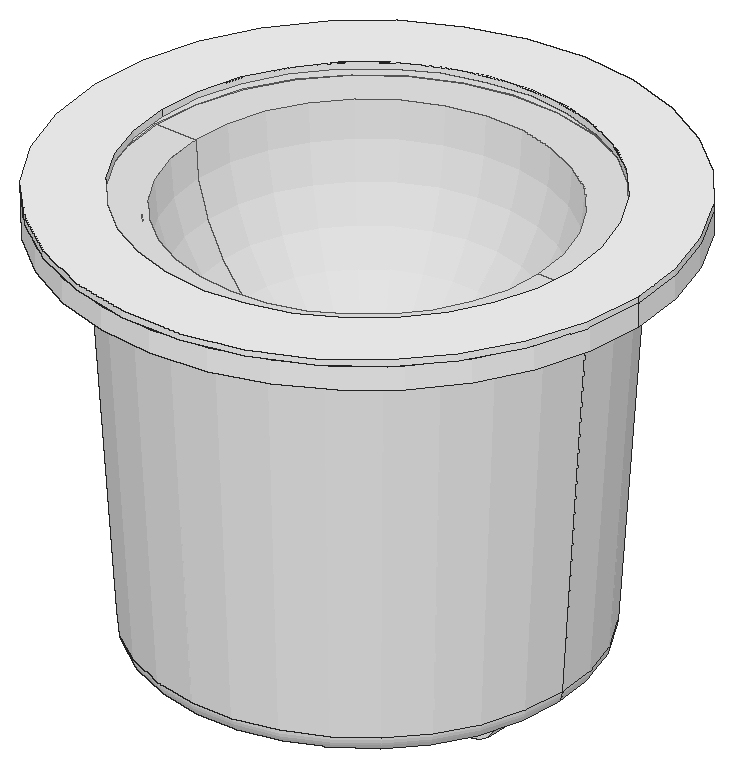
Revit family "2058960", category Lighting Fixtures, host Face, Revit 2018
Family settings
  Host = Face
  Round Connector Dimension = Use Diameter
  Part Type = Normal
  OmniClass Number = 23.80.70.11.17
  OmniClass Title = Specialized Lighting by Location or Use
  Cut with Voids When Loaded = No
  Light Source = Yes
  Shared = No
  Room Calculation Point = No
Parameters (values of type "2058960 MYRIAD DECO IP65 SP 4K PHD BK CBEZ")
  Weight = "n/a"
  Wattage = 15 W
  WarrantyStartDate [instance] = "n/a"
  WarrantyGuarantorParts = "n/a"
  WarrantyDurationUnit = "n/a"
  WarrantyDurationParts = ""
  WarrantyDescription = "http://www.sylvania-lighting.com"
  built-in parameter 1150110 = 1 (stored number, unit not read)
  Voltage = 230 V
  URL = "0"
  TypeName = "MYRIAD DECO IP65 SPOT 4000K PHDM BLACK CBEZ"
  Type Image = 0
  Type Comments = ""
  built-in parameter 1114217 = 1 (stored number, unit not read)
  Tilt Angle = -90°
  built-in parameter 1150109 = 1 (stored number, unit not read)
  built-in parameter 1150134 = (empty or 0)
  built-in parameter 1150113 = 1 (stored number, unit not read)
  SerialNumber [instance] = "n/a"
  Reflector Radius = Cutout Diameter / 2 - 2.5 mm  # 35.0 mm
  Reflector Material = Aluminum_Sylvania_Myriad_Bright
  Recessed Depth = Height  # 72.0 mm
  PowerFactor = 0
  PowerConsumption = "Lighting"
  Photometric Web File = "2058960.ies"
  NominalWidth = 0.0 mm
  NominalLength = 76.0 mm
  NominalHeight = 72.0 mm
  Name = "MYRIAD DECO IP65 SPOT 4000K PHDM BLACK CBEZ"
  ModelReference = "MYRIAD DECO IP65 SPOT 4000K PHDM BLACK CBEZ"
  ModelNumber = "2058960"
  Material = "Feilo Sylvania"
  ManufacturerName = "113 lm/W"
  LuminousEfficacy = ""
  LuminaireType = "0"
  LightOutputRatio = "LED"
  LampsType = Lamp  # "n/a"
  LampNominalLuminous = "4000 K"
  LampMacAdamStep = "90"
  LampColourTemperature = "LED"
  LampColourRenderingIndex = "16500"
  Keynote = "n/a"
  Keynote_2 = "16500"
  InstallationDate [instance] = "n/a"
  InputVoltage = "0"
  InputNominalFrequency = "4000"
  IngressProtection = "IfcLightFixtureType"
  ImpactProtectionIndex = "IfcLightFixtureType"
  IfcExportType = "IfcLightFixtureType"
  IfcExportAs = "Class II"
  Height = 72.0 mm  # constant formula
  ExpectedLife = 50000
  Emit from Circle Diameter = Accessory Inner Diameter 2  # 68.0 mm
  Emit Shape Visible in Rendering = no
  ElectricShockClassification = "113"
  DurationUnit = "hours"
  DocumentationLiterature = "http://www.sylvania-lighting.com/product/en-int/products/2058960"
  DimmingControlOptions = "n/a"
  Diffuser Material = Glass_Sylvania_Myriad_Clear_4000K
  Diffuser Diameter = Cutout Diameter  # 75.0 mm
  Cutout Diameter = 75.0 mm  # constant formula
  CreatedOn = "03/02/2022"
  CreatedBy = "@sylvania-lighting.com"
  built-in parameter 1001205 = 0
  Cost = 0
  built-in parameter 1114216 [instance] = 1 (stored number, unit not read)
  Model = "MYRIAD DECO IP65 SPOT 4000K PHDM BLACK CBEZ"
  Manufacturer = "Feilo Sylvania"  # constant formula
  built-in parameter 1150105 = 83.556 (stored number, unit not read)
  Lumens = 1050 lm
  built-in parameter 1150115 = 1 (stored number, unit not read)
  built-in parameter 1150137 = (empty or 0)
  built-in parameter 1150139 = (empty or 0)
  built-in parameter 1150112 = 1 (stored number, unit not read)
  built-in parameter 1150114 = 1 (stored number, unit not read)
  Lamp = "n/a"
  built-in parameter 1150132 = (empty or 0)
  built-in parameter 1150102 = (empty or 0)
  built-in parameter 1150107 = 2700 (stored number, unit not read)
  built-in parameter 1150138 = (empty or 0)
  built-in parameter 1150106 = 0.83556 (stored number, unit not read)
  built-in parameter 1150104 = 6.5032 (stored number, unit not read)
  Dimming Lamp Color Temperature Shift = <None>
  Description = "Supplied complete with electronic control gear Compact Fluorescent low energy downlight Emergency version passes through the cut out Ideal for low level orientation lighting New range of Architectural accessories each providing a different lit dimension New completely flush plaster up accessory ring for clean ceiling lines and smooth finish Order lamp separately"  # constant formula
  Default Elevation = 0.0 mm
  Color Filter = 16777215
  built-in parameter 1140040 [instance] = 1
  Body Radius = Reflector Radius + 1.5 mm  # 36.5 mm
  Body Material = Aluminum_Sylvania_Myriad_Gray
  BarCode [instance] = "n/a"
  built-in parameter 1114218 = 1 (stored number, unit not read)
  built-in parameter 1150133 = 10 (stored number, unit not read)
  AssetType = "Fixed"
  AssetIdentifier [instance] = "n/a"
  Assembly Code = "D5020200"
  Apparent Load = 10 VA
  Accessory Material = Aluminum_Sylvania_Myriad_White
  Accessory Inner Diameter 2 = Accessory Diameter - 22.0 mm  # 68.0 mm
  Accessory Inner Diameter 1 = Accessory Diameter - 2.0 mm  # 88.0 mm
  Accessory Diameter = Cutout Diameter + 15.0 mm  # 90.0 mm
Reference planes
  plane 1 "Center (Front/Back)": y = 0
  plane 2: z = 0
  plane 3 "Center (Left/Right)": x = 0
  plane 4: z = 2
  plane 5 "Fixture Bottom": z = 4.5
  plane 6: z = -28.5
  plane 7: z = -61.5
  plane 8 "Fixture Top": z = -67.5
  plane 9: z = 3.5
Forms (mm)
  Revolve 1, solid, material "Aluminum_Sylvania_Myriad_Bright" <- "Reflector Material", detail levels fine
    sketch origin (0, 0, 0) x (1, 0, 0) y (0, 0, 1)
      loop
        line (0, -27.515) -> (-6, -27.515)
        arc (-6, -27.515) -> (-22.333, -16.632) -> (-28.5, 2) r 30.135
        line (-28.5, 2) -> (-35, 2) -> (-35, 0) -> (-29.184, 0)
        arc (-29.184, 0) -> (-22.423, -18.18) -> (-6, -28.5) r 30.204
        line (-6, -28.5) -> (0, -28.5) -> (0, -27.515)
      axis (0, -28.5) -> (0, 2)
    angle from 0 to 360
  Revolve 2, solid, material "Aluminum_Sylvania_Myriad_Gray" <- "Body Material", detail levels fine
    sketch origin (0, 0, 0) x (1, 0, 0) y (0, 0, 1)
      loop
        line (-44, 2) -> (-44, 0) -> (-36.5, 0) -> (-32.42, -58.708)
        arc (-32.42, -58.708) -> (-31.474, -60.694) -> (-29.428, -61.5) r 3
        line (-29.428, -61.5) -> (0, -61.5) -> (0, -28.5) -> (-6, -28.5)
        arc (-6, -28.5) -> (-22.423, -18.18) -> (-29.184, 0) r 30.204
        line (-29.184, 0) -> (-35, 0) -> (-35, 2) -> (-44, 2)
      axis (0, 2) -> (0, -61.5)
    angle from 0 to 360
  Extrusion 3, solid, material "Aluminum_Sylvania_Myriad_Gray" <- "Body Material", detail levels fine
    sketch origin (0, 0, 0) x (1, 0, 0) y (0, 0, 1)
      loop
        line (-13.5, -67.5) -> (21, -67.5)
        arc (21, -67.5) -> (23.828, -66.328) -> (25, -63.5) r 4
        line (25, -63.5) -> (25, -61.5) -> (-17.5, -61.5) -> (-17.5, -63.5)
        arc (-17.5, -63.5) -> (-16.328, -66.328) -> (-13.5, -67.5) r 4
    from -4.5 to 4.5
  Extrusion 4, solid, material "Aluminum_Sylvania_Myriad_White" <- "Accessory Material", detail levels fine
    sketch origin (0, 0, 0) x (1, 0, 0) y (0, 1, 0)
      loop
        circle (0, 0) r 45
      loop
        circle (0, 0) r 44
    from 0 to 3.5
  Extrusion 5, solid, material "Aluminum_Sylvania_Myriad_White" <- "Accessory Material", detail levels fine
    sketch origin (0, 0, 0) x (1, 0, 0) y (0, 1, 0)
      loop
        circle (0, 0) r 45
      loop
        circle (0, 0) r 34
    from 3.5 to 4.5
  Extrusion 6, solid, material "Aluminum_Sylvania_Myriad_White" <- "Accessory Material", detail levels coarse+medium
    sketch origin (0, 0, 0) x (1, 0, 0) y (0, 1, 0)
      loop
        circle (0, 0) r 45
    from 0 to 4.5
  Revolve 7, solid, detail levels coarse+medium
    sketch origin (0, 0, 0) x (1, 0, 0) y (0, 0, 1)
      loop
        line (36.5, 0) -> (0, 0) -> (0, -61.5) -> (32.226, -61.5) -> (36.5, 0)
      axis (0, 0) -> (0, -61.5)
    angle from 0 to 360
  Extrusion 8, void
    sketch origin (0, 0, 0) x (1, 0, 0) y (0, 1, 0)
      loop
        circle (0, 0) r 37.5
    from -67.5 to 0
  Extrusion 9, solid, material "Glass_Sylvania_Myriad_Clear_4000K" <- "Diffuser Material", detail levels fine
    sketch origin (0, 0, 0) x (1, 0, 0) y (0, 1, 0)
      loop
        circle (0, 0) r 37.5
    from 2 to 3.5
Cuts and joins
  joined: Extrusion 4, Extrusion 5
Lines and regions (mm)
  Masking region 1
    outline origin (0, 0, 0) x (1, 0, 0) y (0, 1, 0)
      loop
        circle (0, 0) r 45
  symbolic lines
    curve 1: arc (-34, 0, 0) -> (0, 34, 0) -> (34, 0, 0) r 34
    curve 2: arc (34, 0, 0) -> (0, -34, 0) -> (-34, 0, 0) r 34
Dimensions and locks
  locked: plane 7 to plane 8 "Fixture Top" at 6
  "Body Radius": Revolve 7 sketch curve to plane 3 "Center (Left/Right)"
  locked: Revolve 7 sketch curve to Revolve 7 sketch curve at 4.274
  plane 5 "Fixture Bottom" to plane 9 to plane 4 to plane 2 to plane 6 = 1.0 mm locked, 1.5 mm locked, 2.0 mm locked, 28.5 mm locked
  "Reflector Radius": Revolve 1 sketch curve to plane 3 "Center (Left/Right)"
  Revolve 1 sketch curve to Revolve 1 sketch curve to Revolve 1 sketch curve to Revolve 1 sketch curve = 6.5 mm locked, 22.5 mm locked, 0.0 mm locked
  "Reflector Radius": plane 3 "Center (Left/Right)" to Revolve 2 sketch curve
  Revolve 2 sketch curve to Revolve 2 sketch curve to Revolve 2 sketch curve = 7.5 mm locked, 1.5 mm locked
  Revolve 2 sketch curve to Revolve 2 sketch curve to Revolve 2 sketch curve = 5.816 mm locked, 23.184 mm locked
  Revolve 2 sketch curve to Revolve 2 sketch curve to Revolve 2 sketch curve = 2.58 mm locked, 2.993 mm locked
  "Accessory Diameter": diameter of Extrusion 4 sketch curve
  "Accessory Inner Diameter 1": diameter of Extrusion 4 sketch curve
  "Accessory Diameter": diameter of Extrusion 5 sketch curve
  "Accessory Diameter": diameter of Extrusion 6 sketch curve
  "Cutout Diameter": diameter of Extrusion 8 sketch curve
  "Accessory Inner Diameter 2": diameter of Extrusion 5 sketch curve
  "Diffuser Diameter": diameter of Extrusion 9 sketch curve
  aligned and locked: plane 2 to host face
  aligned and locked: level to host face
  aligned and locked: plane 1 "Center (Front/Back)" to imposter light
  aligned and locked: plane 3 "Center (Left/Right)" to imposter light
  aligned and locked: Revolve 1 sketch curve to imposter light
  aligned and locked: Extrusion 3 sketch curve to plane 8 "Fixture Top"
  aligned and locked: plane 7 to Extrusion 3 sketch curve
  aligned and locked: Extrusion 4 to plane 2
  aligned and locked: plane 9 to Extrusion 4
  aligned and locked: Extrusion 5 to plane 9
  aligned and locked: plane 5 "Fixture Bottom" to Extrusion 5
  aligned and locked: Extrusion 6 to plane 2
  aligned and locked: plane 5 "Fixture Bottom" to Extrusion 6
  aligned and locked: Extrusion 8 to plane 8 "Fixture Top"
  aligned and locked: plane 2 to Extrusion 8
  aligned and locked: Masking region 1 sketch curve to Extrusion 6  (x2)
  aligned and locked: Extrusion 9 to plane 4
  aligned and locked: plane 9 to Extrusion 9
  aligned and locked: plane 4 to Revolve 2 sketch curve
  aligned and locked: Revolve 2 sketch curve to plane 2
  aligned and locked: curve 1 to cut or joined group of Extrusion 4, Extrusion 5
  aligned and locked: curve 2 to cut or joined group of Extrusion 4, Extrusion 5
  aligned and locked: imposter light to plane 5 "Fixture Bottom"
Automatic sketch dimensions
  host sketch curve to host sketch curve = 1305.563 mm
  host sketch curve to host sketch curve = 1283.632 mm
  Extrusion 3 sketch curve to plane 7 = 2.0 mm
  Extrusion 3 sketch curve to plane 3 "Center (Left/Right)" = 13.5 mm
  plane 3 "Center (Left/Right)" to Extrusion 3 sketch curve = 21.0 mm
  Extrusion 3 sketch curve to Extrusion 3 sketch curve = 4.0 mm
  Revolve 1 sketch curve to level = 0.0 mm
  Revolve 1 sketch curve to plane 3 "Center (Left/Right)" = 0.0 mm
  Revolve 1 sketch curve to plane 6 = 0.0 mm
  Revolve 1 sketch curve to plane 4 = 0.0 mm
  Revolve 1 sketch curve to Revolve 1 sketch curve = 0.684 mm
  level to Revolve 1 sketch curve = 0.88 mm
  Revolve 1 sketch curve to plane 4 = 0.363 mm
  Revolve 1 sketch curve to Revolve 1 sketch curve = 0.625 mm
  Revolve 1 sketch curve to plane 8 "Fixture Top" = 232.8 mm
  plane 5 "Fixture Bottom" to Revolve 1 sketch curve = 291.243 mm
  Revolve 2 sketch curve to plane 3 "Center (Left/Right)" = 0.0 mm  (x2)
  Revolve 2 sketch curve to plane 7 = 0.0 mm
  Revolve 2 sketch curve to plane 6 = 0.0 mm
  Revolve 2 sketch curve to level = 0.0 mm
  level to Revolve 2 sketch curve = 0.88 mm
  plane 7 to Revolve 2 sketch curve = 2.792 mm
  Revolve 2 sketch curve to plane 8 "Fixture Top" = 304.774 mm
  plane 5 "Fixture Bottom" to Revolve 2 sketch curve = 1137.105 mm
  Extrusion 4 sketch curve to Extrusion 4 sketch curve = 0.0 mm  (x2)
  plane 1 "Center (Front/Back)" to Extrusion 4 sketch curve = 0.0 mm
  Extrusion 4 sketch curve to plane 3 "Center (Left/Right)" = 0.0 mm
  Extrusion 5 sketch curve to Extrusion 5 sketch curve = 0.0 mm  (x2)
  plane 1 "Center (Front/Back)" to Extrusion 5 sketch curve = 0.0 mm
  Extrusion 5 sketch curve to plane 3 "Center (Left/Right)" = 0.0 mm
  plane 1 "Center (Front/Back)" to Extrusion 6 sketch curve = 0.0 mm
  Extrusion 6 sketch curve to plane 3 "Center (Left/Right)" = 0.0 mm
  Revolve 7 sketch curve to level = 0.0 mm
  Revolve 7 sketch curve to plane 3 "Center (Left/Right)" = 0.0 mm  (x2)
  Revolve 7 sketch curve to plane 7 = 0.0 mm
  Revolve 7 sketch curve to plane 8 "Fixture Top" = 304.774 mm
  plane 5 "Fixture Bottom" to Revolve 7 sketch curve = 43.226 mm
  plane 1 "Center (Front/Back)" to Extrusion 8 sketch curve = 0.0 mm
  Extrusion 8 sketch curve to plane 3 "Center (Left/Right)" = 0.0 mm
  plane 1 "Center (Front/Back)" to Extrusion 9 sketch curve = 0.0 mm
  Extrusion 9 sketch curve to plane 3 "Center (Left/Right)" = 0.0 mm
Connectors
  electrical at (-0.006, -0.019, -67.5), driven by "Apparent Load", driven by "Apparent Load"
    settings: on plane 8 "Fixture Top", index 1, voltage 230 V, apparent load 10 VA, apparent load phase1 10 VA, apparent load phase2 0 VA, apparent load phase3 0 VA, power factor 1, load classification "Lighting", number of poles 1, system type 30, power factor state 1, is connector primary yes, connector utility no, sub classification motor no, connector description ""
